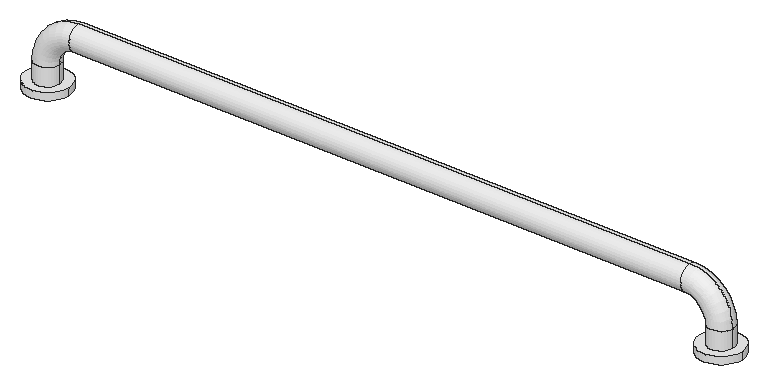
Revit family "Grab_Bar-Grohe-Essentials-40795001", category Specialty Equipment, host Face, Revit 2014
Parameters (values of type "40795001")
  Width = 3 139/256"
  Warranty Information = "Limited Lifetime Warranty"
  URL = "https://www.grohe.ca/en_ca/"
  Type Comments = ""
  Product Page URL = "https://www.grohe.ca/en_ca/essentials-grip-bar-40795001.html"
  Price = "Prices may vary. Please consult Manufacturer Representative for most up-to-date price list."  # constant formula
  Model = "40795001"
  Material = "Metal-Grohe-000-Chrome"
  Manufacturer = "GROHE"
  Length = 35 111/256"
  Installation Type = "Wall Mounted"
  Height = 2 1/4"
  Description = "Essentials Grip Bar"
  Default Elevation = 35 3/8"
  Creation Date = "07/013/2017"
  Assembly Code = "C1030200"
Reference planes (in)
  plane 1 "Center (Front/Back)": y = 0
  plane 2: z = 0
  plane 3 "Center (Left/Right)": x = 0
  plane 4: z = 3.54297
  plane 5: x = -17.7168
  plane 6: x = 17.7168
  plane 7: y = 1.125
  plane 8: y = 0.62992
  plane 9: y = -1.125
  plane 10: z = 3.54297
  plane 11: x = -18.83789
Forms (in)
  Extrusion 1, solid, material "Metal-Grohe-000-Chrome"
    sketch origin (0, 0, 0) x (1, 0, 0) y (0, 1, 0)
      loop
        circle (17.7168, 0) r 1.12162
      loop
        circle (-17.7168, 0) r 1.12162
    from 0 to 0.37402
  Sweep 2, solid, material "Metal-Grohe-000-Chrome"
    path origin (0, 0, 0) x (1, 0, 0) y (0, 0, 1)
      loop
        line (18.34672, 0.37402) -> (18.34672, 1.28879)
        arc (18.34672, 1.28879) -> (17.68649, 2.88273) -> (16.09254, 3.54297) r 2.25418
        line (16.09254, 3.54297) -> (-16.09254, 3.54297)
        arc (-16.09254, 3.54297) -> (-17.68649, 2.88273) -> (-18.34672, 1.28879) r 2.25418
        line (-18.34672, 1.28879) -> (-18.34672, 0.37402)
    profile origin (18.34672, 0, 0.8314) x (-1, 0, 0) y (0, -1, 0)
      loop
        circle (0.62992, 0) r 0.62992
Cuts and joins
  joined: Extrusion 1, Sweep 2
Lines and regions (in)
  Masking region 1
    outline origin (0, 0, 0) x (1, 0, 0) y (0, 0, 1)
      loop
        line (18.34672, 0.37402) -> (18.34672, 1.29297)
        arc (18.34672, 1.29297) -> (17.68771, 2.88396) -> (16.09672, 3.54297) r 2.25
        line (16.09672, 3.54297) -> (-16.09672, 3.54297)
        arc (-16.09672, 3.54297) -> (-17.68771, 2.88396) -> (-18.34672, 1.29297) r 2.25
        line (-18.34672, 1.29297) -> (-18.34672, 0.37402) -> (-18.83842, 0.37402) -> (-18.83842, 0) -> (-16.59518, 0) -> (-16.59518, 0.37402) -> (-17.08687, 0.37402) -> (-17.08687, 1.29297)
        arc (-17.08687, 1.29297) -> (-16.79398, 2.00008) -> (-16.08687, 2.29297) r 1
        line (-16.08687, 2.29297) -> (16.08687, 2.29297)
        arc (16.08687, 2.29297) -> (16.79398, 2.00008) -> (17.08687, 1.29297) r 1
        line (17.08687, 1.29297) -> (17.08687, 0.37402) -> (16.59518, 0.37402) -> (16.59518, 0) -> (18.83842, 0) -> (18.83842, 0.37402) -> (18.34672, 0.37402)
  symbolic lines, detail levels medium+fine
    curve 1: line (17.08687, 0, 0.37402) -> (18.34672, 0, 0.37402)
    curve 2: line (-17.08687, 0, 0.37402) -> (-18.34672, 0, 0.37402)
Dimensions and locks (in)
  equal spacing: plane 5, plane 3 "Center (Left/Right)", plane 6
  plane 8 to plane 1 "Center (Front/Back)" = 0.62992"
  equal spacing: plane 9, plane 1 "Center (Front/Back)", plane 7
  "Length": plane 5 to plane 6
  plane 9 to plane 7 = 2 1/4"
  "Width": plane 2 to plane 10
  aligned and locked: plane 2 to host face
  aligned and locked: level to host face
Automatic sketch dimensions
  host sketch curve to host sketch curve = 96"  (x2)
  plane 1 "Center (Front/Back)" to Extrusion 1 sketch curve = 0"  (x2)
  Extrusion 1 sketch curve to plane 5 = 0"
  Extrusion 1 sketch curve to plane 6 = 0"
  Masking region 1 sketch curve to level = 0"  (x2)
  Masking region 1 sketch curve to plane 5 = 1.62992"
  Masking region 1 sketch curve to Masking region 1 sketch curve = 0.00985"  (x2)
  level to Masking region 1 sketch curve = 0.37402"  (x4)
  Masking region 1 sketch curve to plane 5 = 1.12162"
  Masking region 1 sketch curve to Masking region 1 sketch curve = 0.4917"  (x4)
  plane 5 to Masking region 1 sketch curve = 0.62992"
  Masking region 1 sketch curve to plane 6 = 1.62992"
  plane 6 to Masking region 1 sketch curve = 0.62992"
  Masking region 1 sketch curve to Masking region 1 sketch curve = 0"  (x2)
  Masking region 1 sketch curve to plane 4 = 0"
  plane 5 to curve 2 = 0.62992"
  level to curve 1 = 0.37402"
  curve 2 to plane 5 = 0.62992"
  curve 1 to plane 6 = 0.62992"
  plane 6 to curve 1 = 0.62992"
  level to curve 2 = 0.37402"
  profile plane to Sweep 2 sketch curve = 0"
  Sweep 2 sketch curve to profile plane = 0.62992"
  Sweep 2 sketch curve to plane 4 = 0"
  plane 5 to Sweep 2 sketch curve = 0.62992"
  Sweep 2 sketch curve to plane 5 = 1.62426"
  Sweep 2 sketch curve to plane 6 = 1.62426"
  plane 6 to Sweep 2 sketch curve = 0.62992"
  level to Sweep 2 sketch curve = 0.37402"  (x2)
  radius of Extrusion 1 sketch curve = 1.12162"  (x2)
  radius of Sweep 2 sketch curve = 0.62992"
